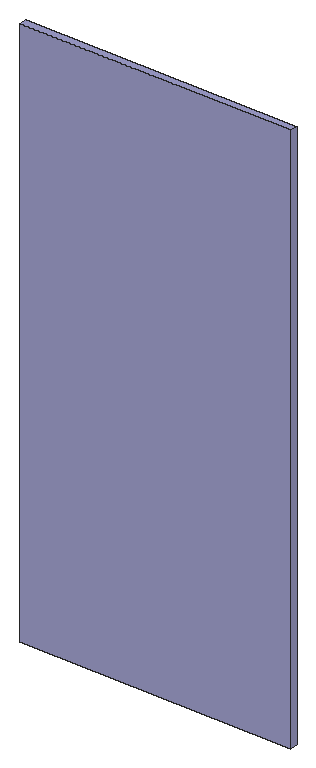
Revit family "EXP_WT-4_CPan-005", category Curtain Panels, Revit 2021
Family settings
  OmniClass Number = 23.25.20.14.11.11.17
  OmniClass Title = Infill Panels
  Always vertical = Yes
  Cut with Voids When Loaded = No
  Shared = No
Parameters
  UI-UnitNumber [instance] = "001"
  UI-Quadrant [instance] = "SE"
  UI-ProjectAbbreviation = "NEU"
  UI-ItemCategory = "PID"
  UI-FloorNumber [instance] = "03"
  PNT-WallType = "WT4"
  PNT-ProjectAbbreviation = "NEU"
  PNT-PanelType [instance] = "01"
  PNT-ItemCategory = "PNL"
  GlassSPH [instance] = 0' - 2 3/8"
  GlassH1 = IG-9F(Glass)
  Define Thermal Properties by = Schematic Type
  CellSp = 0' - 7 3/4"
  CellL [instance] = 7' - 10"
  CellH1 [instance] = CellH  # 15' - 11 1/2"
  CellH [instance] = 15' - 11 1/2"
  CellAngle = 99.72°
  Analytic Construction = "<None>"
Reference planes (in)
  plane 1 "Center (Front/Back)": y = 0
  plane 2: z = 0
  plane 3 "Center (Left/Right)": x = 0
  plane 4 "Left": x = -47
  plane 5 "Right": x = 47
  plane 6 "Top": z = 191.5
  plane 7: y = -7.75
Forms (in)
  Extrusion 1, solid, material "IG-9F(Glass)" <- "GlassH1", detail levels coarse+medium
    sketch origin (0, 0, 0) x (1, 0, 0) y (0, 1, 0)
      loop
        line (47, 0) -> (-47, 0) -> (-48.32752, -7.75) -> (48.32752, -7.75) -> (47, 0)
    from 0 to 191.5
Lines and regions (in)
  reference lines
    curve 1: line (-47, 0, 0) -> (-51.5585, -26.6124, 0)
    curve 2: line (47, 0, 0) -> (51.72734, -27.59805, 0)
Text (in)
  text "Exterior" at (-92.59733, 55.75508, 0), in view "Ref. Level"
  text "Exterior" at (0, 90.18664, 173.49264), in view "Left"
  text "Exterior" at (0, 52.29083, 162.21847), in view "Right"
Dimensions and locks (in)
  equal spacing: plane 4 "Left", plane 3 "Center (Left/Right)", plane 5 "Right"  (x2)
  "CellL": plane 4 "Left" to plane 5 "Right"
  "CellH": plane 2 to plane 6 "Top"
  "CellSp": plane 7 to plane 1 "Center (Front/Back)"
  "CellAngle": angle curve 1 to plane 1 "Center (Front/Back)"
  "CellAngle": angle plane 1 "Center (Front/Back)" to curve 2
  aligned and locked: level to plane 2
  aligned and locked: plane 1 "Center (Front/Back)" to nested 1
  aligned and locked: nested 1 to plane 6 "Top"
  aligned and locked: plane 5 "Right" to nested 1
  aligned and locked: Extrusion 1 sketch curve to plane 1 "Center (Front/Back)"
  aligned and locked: Extrusion 1 sketch curve to plane 7
  aligned and locked: Extrusion 1 sketch curve to curve 1
  aligned and locked: Extrusion 1 sketch curve to curve 2
  aligned and locked: Extrusion 1 to plane 6 "Top"
  aligned and locked: Extrusion 1 to plane 2
  aligned and locked: plane 1 "Center (Front/Back)" to nested 2
  aligned and locked: plane 5 "Right" to nested 2
  aligned and locked: plane 4 "Left" to nested 2
  aligned and locked: nested 2 to plane 6 "Top"
  aligned and locked: plane 2 to nested 2
Automatic sketch dimensions
  plane 1 "Center (Front/Back)" to curve 1 = 0' - 0"
  curve 1 to plane 4 "Left" = 0' - 0"
  plane 1 "Center (Front/Back)" to curve 2 = 0' - 0"
  curve 2 to plane 5 "Right" = 0' - 0"
Nested families (in)
  nested 1: "EXP_xx_DetO-002" at (0, 0, 0), CellH <- "CellH", CellL <- "CellL", type "EXP_xx_DetO-002", detail levels coarse
    with CellL 7' - 10", CellH 15' - 11 1/2"
  nested 2: "EXP_WT-1x_IG-007" at (0, 0, 95.75), MaterialGlass <- "GlassH1", GlassSP <- "GlassSPH", type "A = 99.72", detail levels fine
    with MaterialGlass IG-9F(Glass), GlassSP 0' - 2 3/8", GlassL 7' - 9", GlassH 15' - 10 1/2", CellL 7' - 10", CellH 15' - 11 1/2"
Definition of nested family "EXP_WT-1x_IG-007"
  Parameters (values of type "A = 99.72_H _ GlassSP = 2 3/8"")
    MaterialGlass [instance] = none
    GlassSP [instance] = 0' - 2 3/8"
    GlassL [instance] = CellL - (GlassD1 + GlassD3)  # 3' - 11.8189"
    GlassH [instance] = CellH - (GlassD2 + GlassD4)  # 6' - 7.58489"
    GlassD4 = 0' - 0 1/2"
    GlassD3 = 0' - 0 1/2"
    GlassD2 = 0' - 0 1/2"
    GlassD1 = 0' - 0 1/2"
    GMPI-ProjectAbbreviation = "NEU"
    GMPI-IteamCategory = "GLS"
    Default Elevation = 0' - 0"
    CellL [instance] = 4' - 0.8189"
    CellH [instance] = 6' - 8.58489"
    CellAngle = 99.72°
  Reference planes (in)
    plane 1 "Center (Front/Back)": y = 0
    plane 2: z = 0
    plane 3 "Center (Left/Right)": x = 0
    plane 4: x = -24.40945
    plane 5: x = 24.40945
    plane 6: z = 40.29245
    plane 7: z = -40.29245
    plane 8: z = 39.79245
    plane 9: z = -39.79245
    plane 10: y = -2.375
    plane 11: x = -23.90945
    plane 12: x = 23.90945
  Forms (in)
    Extrusion 1, solid, material <- "MaterialGlass"
      sketch origin (0, 0, 0) x (1, 0, 0) y (0, 1, 0)
        loop
          line (-23.90945, 0) -> (-23.90945, -2.375) -> (23.90945, -2.375) -> (23.90945, 0) -> (-23.90945, 0)
      from -39.79245 to 39.79245
  Lines and regions (in)
    reference lines
      curve 1: line (-24.40945, 0, 0) -> (-27.46706, -17.85026, 0)
      curve 2: line (24.40945, 0, 0) -> (27.33412, -17.07416, 0)
  Dimensions and locks (in)
    equal spacing: plane 6, level, plane 7
    "CellH": plane 6 to plane 7
    "GlassD2": plane 6 to plane 8
    "GlassD4": plane 9 to plane 7
    equal spacing: plane 4, plane 3 "Center (Left/Right)", plane 5
    "CellL": plane 4 to plane 5
    "GlassSP": plane 10 to plane 1 "Center (Front/Back)"
    "GlassD1": plane 4 to plane 11
    "GlassD3": plane 12 to plane 5
    "CellAngle": angle curve 1 to plane 1 "Center (Front/Back)"
    "CellAngle": angle plane 1 "Center (Front/Back)" to curve 2
    aligned and locked: level to plane 2
    aligned and locked: plane 1 "Center (Front/Back)" to Extrusion 1 sketch curve
    aligned and locked: plane 10 to Extrusion 1 sketch curve
    aligned and locked: plane 8 to Extrusion 1
    aligned and locked: Extrusion 1 to plane 9
    aligned and locked: Extrusion 1 to plane 11
    aligned and locked: plane 12 to Extrusion 1
  Automatic sketch dimensions
    Extrusion 1 sketch curve to plane 4 = 0' - 0 1/2"
    plane 5 to Extrusion 1 sketch curve = 0' - 0 1/2"
    plane 1 "Center (Front/Back)" to curve 1 = 0' - 0"
    curve 1 to plane 4 = 0' - 0"
    plane 1 "Center (Front/Back)" to curve 2 = 0' - 0"
    curve 2 to plane 5 = 0' - 0"
Definition of nested family "EXP_xx_DetO-002"
  Parameters (values of type "EXP_xx_DetO-002")
    Default Elevation = 0' - 0"
    CellL [instance] = 5' - 4.56693"
    CellH [instance] = 5' - 2.99213"
  Reference planes (in)
    plane 1 "Center (Front/Back)": y = 0
    plane 2: z = 0
    plane 3 "Center (Left/Right)": x = 0
    plane 4: x = -32.28346
    plane 5: x = 32.28346
    plane 6: z = 62.99213
  Lines and regions (in)
    model lines
      curve 1: line (-32.28346, 0, 62.99213) -> (32.28346, 0, 0)
      curve 2: line (32.28346, 0, 62.99213) -> (-32.28346, 0, 0)
  Dimensions and locks (in)
    "CellH": plane 6 to level
    equal spacing: plane 4, plane 3 "Center (Left/Right)", plane 5
    "CellL": plane 4 to plane 5
    aligned and locked: level to plane 2
  Automatic sketch dimensions
    curve 2 to level = 0' - 0"
    plane 4 to curve 2 = 0' - 0"
    plane 4 to curve 1 = 0' - 0"
    plane 5 to curve 2 = 0' - 0"
    curve 1 to level = 0' - 0"
    plane 5 to curve 1 = 0' - 0"
    curve 2 to plane 6 = 0' - 0"
    curve 1 to plane 6 = 0' - 0"
